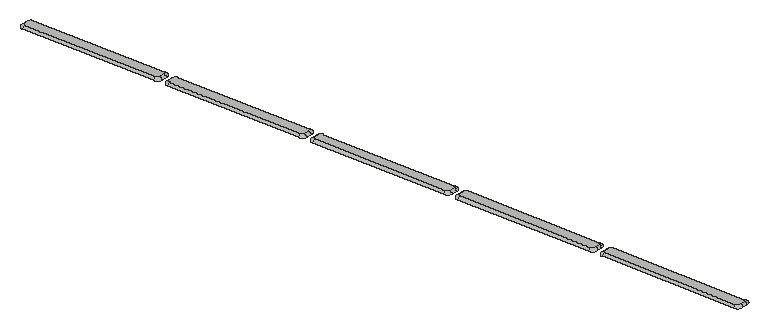
Revit family "Taktila - Ledelinje (280mm) -NCS3000", category Generic Models, Revit 2023
Family settings
  Can host rebar = No
  Round Connector Dimension = Use Diameter
  Part Type = Normal
  Cut with Voids When Loaded = No
  Maintain Annotation Orientation = No
  Shared = No
  Room Calculation Point = No
Parameters
  Sklisikkerthet [instance] = "R10 (Ihht. DIN 51130-2104)"
  Number_of_Brackets [instance] = rounddown([built-in parameter 1001306] / Max_Bracket_Spacing)  # 5
  Mål [instance] = "L: 280mm / B: 30mm / H: 3,6mm - Ø: 30mm / H: 3,6mm"
  Max_Bracket_Spacing [instance] = 288 mm
  Materiale [instance] = "Resirkulert nylon plast. PA 15%gf"
  Material [instance] = Taktila - Lys Grå
  built-in parameter 1001306 [instance] = 1600 mm
  Innfesting [instance] = "3M™ VHB™ tape"
  Farge [instance] = "NCS3000-N - Lys Grå"
  EDP [instance] = "Miljødeklarasjon"
  Default Elevation = 0 mm
  Bracket_Spacing [instance] = 288 mm
Reference planes
  plane 1 "Center (Front/Back)": y = 0
  plane 2: z = 0
  plane 3 "Left": x = 0
  plane 4 "Right": x = 1600
  plane 5: x = 288
Lines and regions (mm)
  reference lines
    curve 1: line (0, 0, 0) -> (1600, 0, 0)
Dimensions and locks
  "built-in parameter 1001306": plane 3 "Left" to plane 4 "Right"
  equal spacing: group 1, group 2, group 3, group 4, group 5  (x3)
  "Bracket_Spacing": plane 3 "Left" to plane 5
  aligned and locked: plane 4 "Right" to curve 1
  aligned and locked: plane 1 "Center (Front/Back)" to curve 1
  aligned and locked: plane 3 "Left" to curve 1
  aligned and locked: level to plane 2
  aligned and locked: plane 3 "Left" to nested 1
  aligned and locked: curve 1 to nested 1
  aligned and locked: plane 5 to nested 2
Nested families
  nested 1: "Taktila - Objekt 2 - (Lang 280mm) - NCS3000" at (140, 0, 0), type "Taktila - Objekt 2 - (Lang 280mm) - NCS3000"
  nested 2: "Taktila - Objekt 2 - (Lang 280mm) - NCS3000" at (428, 0, 0), type "Taktila - Objekt 2 - (Lang 280mm) - NCS3000"
  nested 3: "Taktila - Objekt 2 - (Lang 280mm) - NCS3000" at (716, 0, 0), type "Taktila - Objekt 2 - (Lang 280mm) - NCS3000"
  nested 4: "Taktila - Objekt 2 - (Lang 280mm) - NCS3000" at (1004, 0, 0), type "Taktila - Objekt 2 - (Lang 280mm) - NCS3000"
  nested 5: "Taktila - Objekt 2 - (Lang 280mm) - NCS3000" at (1292, 0, 0), type "Taktila - Objekt 2 - (Lang 280mm) - NCS3000"
Definition of nested family "Taktila - Objekt 2 - (Lang 280mm) - NCS3000"
  Parameters (values of type "Taktila - Objekt 2 - (Lang 280mm) - NCS3000")
    Sklisikkerhet [instance] = "R10 (Ihht. DIN 51130-2104)"
    Materiale [instance] = "Resirkulert nylon plast. PA 15%gf"
    Mål [instance] = "L: 280mm / B: 30mm / H: 3,6mm - Ø: 30mm / H: 3,6mm"
    Material [instance] = none
    Innfesting [instance] = "3M™ VHB™ tape"
    Farge [instance] = "NCS3000-N Lys Grå"
    EDP [instance] = "Miljødeklarasjon"
    Default Elevation = 0 mm
  Reference planes
    plane 1 "Center (Front/Back)": y = 0
    plane 2: z = 0
    plane 3 "Center (Left/Right)": x = 0
  Forms (mm)
    Blend 1, solid
      base sketch origin (0, 0, 0) x (1, 0, 0) y (0, 1, 0)
        loop
          arc (-130, 15) -> (-137.071, 12.071) -> (-140, 5) r 10
          line (-140, 5) -> (-140, -5)
          arc (-140, -5) -> (-137.071, -12.071) -> (-130, -15) r 10
          line (-130, -15) -> (130, -15)
          arc (130, -15) -> (137.071, -12.071) -> (140, -5) r 10
          line (140, -5) -> (140, 5)
          arc (140, 5) -> (137.071, 12.071) -> (130, 15) r 10
          line (130, 15) -> (-130, 15)
      top sketch origin (0, 0, 0) x (1, 0, 0) y (0, 1, 0)
        loop
          arc (-130, 10) -> (-133.536, 8.536) -> (-135, 5) r 5
          line (-135, 5) -> (-135, -5)
          arc (-135, -5) -> (-133.536, -8.536) -> (-130, -10) r 5
          line (-130, -10) -> (130, -10)
          arc (130, -10) -> (133.536, -8.536) -> (135, -5) r 5
          line (135, -5) -> (135, 5)
          arc (135, 5) -> (133.536, 8.536) -> (130, 10) r 5
          line (130, 10) -> (-130, 10)
      from 0 to 3.6
  Dimensions and locks
    aligned and locked: level to plane 2
